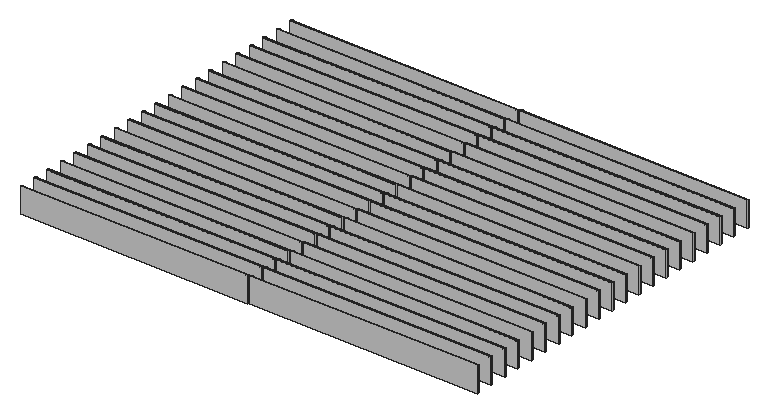
Revit family "BFL-SGL-001_RTV", category Modelos genéricos, Revit 2022 (continued)
Forms (in)
  Extrusion 263, solid, not visible
    sketch origin (-108, 32, 0) x (1, 0, 0) y (0, 1, 0)
      loop
        line (0, 0.59055) -> (0, 0.11811) -> (108, 0.11811) -> (108, 0.59055) -> (0, 0.59055)
    from 0 to 12
  Extrusion 264, solid, not visible
    sketch origin (-108, 32.59055, 0) x (1, 0, 0) y (0, 1, 0)
      loop
        line (0, 0.11811) -> (0, 0) -> (108, 0) -> (108, 0.11811) -> (0, 0.11811)
    from 0 to 12
  Extrusion 265, solid, not visible
    sketch origin (-108, 40, 0) x (1, 0, 0) y (0, 1, 0)
      loop
        line (0, 0.11811) -> (0, 0) -> (108, 0) -> (108, 0.11811) -> (0, 0.11811)
    from 0 to 12
  Extrusion 266, solid, not visible
    sketch origin (-108, 40, 0) x (1, 0, 0) y (0, 1, 0)
      loop
        line (0, 0.59055) -> (0, 0.11811) -> (108, 0.11811) -> (108, 0.59055) -> (0, 0.59055)
    from 0 to 12
  Extrusion 267, solid, not visible
    sketch origin (-108, 40.59055, 0) x (1, 0, 0) y (0, 1, 0)
      loop
        line (0, 0.11811) -> (0, 0) -> (108, 0) -> (108, 0.11811) -> (0, 0.11811)
    from 0 to 12
  Extrusion 268, solid, not visible
    sketch origin (1, 0, 0) x (1, 0, 0) y (0, 1, 0)
      loop
        line (0, 0.11811) -> (0, 0) -> (108, 0) -> (108, 0.11811) -> (0, 0.11811)
    from 0 to 12
  Extrusion 269, solid, not visible
    sketch origin (1, 0, 0) x (1, 0, 0) y (0, 1, 0)
      loop
        line (0, 0.59055) -> (0, 0.11811) -> (108, 0.11811) -> (108, 0.59055) -> (0, 0.59055)
    from 0 to 12
  Extrusion 270, solid, not visible
    sketch origin (1, 0.59055, 0) x (1, 0, 0) y (0, 1, 0)
      loop
        line (0, 0.11811) -> (0, 0) -> (108, 0) -> (108, 0.11811) -> (0, 0.11811)
    from 0 to 12
  Extrusion 271, solid, not visible
    sketch origin (1, 8, 0) x (1, 0, 0) y (0, 1, 0)
      loop
        line (0, 0.11811) -> (0, 0) -> (108, 0) -> (108, 0.11811) -> (0, 0.11811)
    from 0 to 12
  Extrusion 272, solid, not visible
    sketch origin (1, 8, 0) x (1, 0, 0) y (0, 1, 0)
      loop
        line (0, 0.59055) -> (0, 0.11811) -> (108, 0.11811) -> (108, 0.59055) -> (0, 0.59055)
    from 0 to 12
  Extrusion 273, solid, not visible
    sketch origin (1, 8.59055, 0) x (1, 0, 0) y (0, 1, 0)
      loop
        line (0, 0.11811) -> (0, 0) -> (108, 0) -> (108, 0.11811) -> (0, 0.11811)
    from 0 to 12
  Extrusion 274, solid, not visible
    sketch origin (1, 16, 0) x (1, 0, 0) y (0, 1, 0)
      loop
        line (0, 0.11811) -> (0, 0) -> (108, 0) -> (108, 0.11811) -> (0, 0.11811)
    from 0 to 12
  Extrusion 275, solid, not visible
    sketch origin (1, 16, 0) x (1, 0, 0) y (0, 1, 0)
      loop
        line (0, 0.59055) -> (0, 0.11811) -> (108, 0.11811) -> (108, 0.59055) -> (0, 0.59055)
    from 0 to 12
  Extrusion 276, solid, not visible
    sketch origin (1, 16.59055, 0) x (1, 0, 0) y (0, 1, 0)
      loop
        line (0, 0.11811) -> (0, 0) -> (108, 0) -> (108, 0.11811) -> (0, 0.11811)
    from 0 to 12
  Extrusion 277, solid, not visible
    sketch origin (1, 24, 0) x (1, 0, 0) y (0, 1, 0)
      loop
        line (0, 0.11811) -> (0, 0) -> (108, 0) -> (108, 0.11811) -> (0, 0.11811)
    from 0 to 12
  Extrusion 278, solid, not visible
    sketch origin (1, 24, 0) x (1, 0, 0) y (0, 1, 0)
      loop
        line (0, 0.59055) -> (0, 0.11811) -> (108, 0.11811) -> (108, 0.59055) -> (0, 0.59055)
    from 0 to 12
  Extrusion 279, solid, not visible
    sketch origin (1, 24.59055, 0) x (1, 0, 0) y (0, 1, 0)
      loop
        line (0, 0.11811) -> (0, 0) -> (108, 0) -> (108, 0.11811) -> (0, 0.11811)
    from 0 to 12
  Extrusion 280, solid, not visible
    sketch origin (1, 32, 0) x (1, 0, 0) y (0, 1, 0)
      loop
        line (0, 0.11811) -> (0, 0) -> (108, 0) -> (108, 0.11811) -> (0, 0.11811)
    from 0 to 12
  Extrusion 281, solid, not visible
    sketch origin (1, 32, 0) x (1, 0, 0) y (0, 1, 0)
      loop
        line (0, 0.59055) -> (0, 0.11811) -> (108, 0.11811) -> (108, 0.59055) -> (0, 0.59055)
    from 0 to 12
  Extrusion 282, solid, not visible
    sketch origin (1, 32.59055, 0) x (1, 0, 0) y (0, 1, 0)
      loop
        line (0, 0.11811) -> (0, 0) -> (108, 0) -> (108, 0.11811) -> (0, 0.11811)
    from 0 to 12
  Extrusion 283, solid, not visible
    sketch origin (1, 40, 0) x (1, 0, 0) y (0, 1, 0)
      loop
        line (0, 0.11811) -> (0, 0) -> (108, 0) -> (108, 0.11811) -> (0, 0.11811)
    from 0 to 12
  Extrusion 284, solid, not visible
    sketch origin (1, 40, 0) x (1, 0, 0) y (0, 1, 0)
      loop
        line (0, 0.59055) -> (0, 0.11811) -> (108, 0.11811) -> (108, 0.59055) -> (0, 0.59055)
    from 0 to 12
  Extrusion 285, solid, not visible
    sketch origin (1, 40.59055, 0) x (1, 0, 0) y (0, 1, 0)
      loop
        line (0, 0.11811) -> (0, 0) -> (108, 0) -> (108, 0.11811) -> (0, 0.11811)
    from 0 to 12
  Extrusion 286, solid, not visible
    sketch origin (-108, 48, 0) x (1, 0, 0) y (0, 1, 0)
      loop
        line (0, 0.11811) -> (0, 0) -> (108, 0) -> (108, 0.11811) -> (0, 0.11811)
    from 0 to 12
  Extrusion 287, solid, not visible
    sketch origin (-108, 48, 0) x (1, 0, 0) y (0, 1, 0)
      loop
        line (0, 0.59055) -> (0, 0.11811) -> (108, 0.11811) -> (108, 0.59055) -> (0, 0.59055)
    from 0 to 12
  Extrusion 288, solid, not visible
    sketch origin (-108, 48.59055, 0) x (1, 0, 0) y (0, 1, 0)
      loop
        line (0, 0.11811) -> (0, 0) -> (108, 0) -> (108, 0.11811) -> (0, 0.11811)
    from 0 to 12
  Extrusion 289, solid, not visible
    sketch origin (-108, 56, 0) x (1, 0, 0) y (0, 1, 0)
      loop
        line (0, 0.11811) -> (0, 0) -> (108, 0) -> (108, 0.11811) -> (0, 0.11811)
    from 0 to 12
  Extrusion 290, solid, not visible
    sketch origin (-108, 56, 0) x (1, 0, 0) y (0, 1, 0)
      loop
        line (0, 0.59055) -> (0, 0.11811) -> (108, 0.11811) -> (108, 0.59055) -> (0, 0.59055)
    from 0 to 12
  Extrusion 291, solid, not visible
    sketch origin (-108, 56.59055, 0) x (1, 0, 0) y (0, 1, 0)
      loop
        line (0, 0.11811) -> (0, 0) -> (108, 0) -> (108, 0.11811) -> (0, 0.11811)
    from 0 to 12
  Extrusion 292, solid, not visible
    sketch origin (-108, 64, 0) x (1, 0, 0) y (0, 1, 0)
      loop
        line (0, 0.11811) -> (0, 0) -> (108, 0) -> (108, 0.11811) -> (0, 0.11811)
    from 0 to 12
  Extrusion 293, solid, not visible
    sketch origin (-108, 64, 0) x (1, 0, 0) y (0, 1, 0)
      loop
        line (0, 0.59055) -> (0, 0.11811) -> (108, 0.11811) -> (108, 0.59055) -> (0, 0.59055)
    from 0 to 12
  Extrusion 294, solid, not visible
    sketch origin (-108, 64.59055, 0) x (1, 0, 0) y (0, 1, 0)
      loop
        line (0, 0.11811) -> (0, 0) -> (108, 0) -> (108, 0.11811) -> (0, 0.11811)
    from 0 to 12
  Extrusion 295, solid, not visible
    sketch origin (-108, 72, 0) x (1, 0, 0) y (0, 1, 0)
      loop
        line (0, 0.11811) -> (0, 0) -> (108, 0) -> (108, 0.11811) -> (0, 0.11811)
    from 0 to 12
  Extrusion 296, solid, not visible
    sketch origin (-108, 72, 0) x (1, 0, 0) y (0, 1, 0)
      loop
        line (0, 0.59055) -> (0, 0.11811) -> (108, 0.11811) -> (108, 0.59055) -> (0, 0.59055)
    from 0 to 12
  Extrusion 297, solid, not visible
    sketch origin (-108, 72.59055, 0) x (1, 0, 0) y (0, 1, 0)
      loop
        line (0, 0.11811) -> (0, 0) -> (108, 0) -> (108, 0.11811) -> (0, 0.11811)
    from 0 to 12
  Extrusion 298, solid, not visible
    sketch origin (-108, 80, 0) x (1, 0, 0) y (0, 1, 0)
      loop
        line (0, 0.11811) -> (0, 0) -> (108, 0) -> (108, 0.11811) -> (0, 0.11811)
    from 0 to 12
  Extrusion 299, solid, not visible
    sketch origin (-108, 80, 0) x (1, 0, 0) y (0, 1, 0)
      loop
        line (0, 0.59055) -> (0, 0.11811) -> (108, 0.11811) -> (108, 0.59055) -> (0, 0.59055)
    from 0 to 12
  Extrusion 300, solid, not visible
    sketch origin (-108, 80.59055, 0) x (1, 0, 0) y (0, 1, 0)
      loop
        line (0, 0.11811) -> (0, 0) -> (108, 0) -> (108, 0.11811) -> (0, 0.11811)
    from 0 to 12
  Extrusion 301, solid, not visible
    sketch origin (1, 48, 0) x (1, 0, 0) y (0, 1, 0)
      loop
        line (0, 0.11811) -> (0, 0) -> (108, 0) -> (108, 0.11811) -> (0, 0.11811)
    from 0 to 12
  Extrusion 302, solid, not visible
    sketch origin (1, 48, 0) x (1, 0, 0) y (0, 1, 0)
      loop
        line (0, 0.59055) -> (0, 0.11811) -> (108, 0.11811) -> (108, 0.59055) -> (0, 0.59055)
    from 0 to 12
  Extrusion 303, solid, not visible
    sketch origin (1, 48.59055, 0) x (1, 0, 0) y (0, 1, 0)
      loop
        line (0, 0.11811) -> (0, 0) -> (108, 0) -> (108, 0.11811) -> (0, 0.11811)
    from 0 to 12
  Extrusion 304, solid, not visible
    sketch origin (1, 56, 0) x (1, 0, 0) y (0, 1, 0)
      loop
        line (0, 0.11811) -> (0, 0) -> (108, 0) -> (108, 0.11811) -> (0, 0.11811)
    from 0 to 12
  Extrusion 305, solid, not visible
    sketch origin (1, 56, 0) x (1, 0, 0) y (0, 1, 0)
      loop
        line (0, 0.59055) -> (0, 0.11811) -> (108, 0.11811) -> (108, 0.59055) -> (0, 0.59055)
    from 0 to 12
  Extrusion 306, solid, not visible
    sketch origin (1, 56.59055, 0) x (1, 0, 0) y (0, 1, 0)
      loop
        line (0, 0.11811) -> (0, 0) -> (108, 0) -> (108, 0.11811) -> (0, 0.11811)
    from 0 to 12
  Extrusion 307, solid, not visible
    sketch origin (1, 64, 0) x (1, 0, 0) y (0, 1, 0)
      loop
        line (0, 0.11811) -> (0, 0) -> (108, 0) -> (108, 0.11811) -> (0, 0.11811)
    from 0 to 12
  Extrusion 308, solid, not visible
    sketch origin (1, 64, 0) x (1, 0, 0) y (0, 1, 0)
      loop
        line (0, 0.59055) -> (0, 0.11811) -> (108, 0.11811) -> (108, 0.59055) -> (0, 0.59055)
    from 0 to 12
  Extrusion 309, solid, not visible
    sketch origin (1, 64.59055, 0) x (1, 0, 0) y (0, 1, 0)
      loop
        line (0, 0.11811) -> (0, 0) -> (108, 0) -> (108, 0.11811) -> (0, 0.11811)
    from 0 to 12
  Extrusion 310, solid, not visible
    sketch origin (1, 72, 0) x (1, 0, 0) y (0, 1, 0)
      loop
        line (0, 0.11811) -> (0, 0) -> (108, 0) -> (108, 0.11811) -> (0, 0.11811)
    from 0 to 12
  Extrusion 311, solid, not visible
    sketch origin (1, 72, 0) x (1, 0, 0) y (0, 1, 0)
      loop
        line (0, 0.59055) -> (0, 0.11811) -> (108, 0.11811) -> (108, 0.59055) -> (0, 0.59055)
    from 0 to 12
  Extrusion 312, solid, not visible
    sketch origin (1, 72.59055, 0) x (1, 0, 0) y (0, 1, 0)
      loop
        line (0, 0.11811) -> (0, 0) -> (108, 0) -> (108, 0.11811) -> (0, 0.11811)
    from 0 to 12
  Extrusion 313, solid, not visible
    sketch origin (1, 80, 0) x (1, 0, 0) y (0, 1, 0)
      loop
        line (0, 0.11811) -> (0, 0) -> (108, 0) -> (108, 0.11811) -> (0, 0.11811)
    from 0 to 12
  Extrusion 314, solid, not visible
    sketch origin (1, 80, 0) x (1, 0, 0) y (0, 1, 0)
      loop
        line (0, 0.59055) -> (0, 0.11811) -> (108, 0.11811) -> (108, 0.59055) -> (0, 0.59055)
    from 0 to 12
  Extrusion 315, solid, not visible
    sketch origin (1, 80.59055, 0) x (1, 0, 0) y (0, 1, 0)
      loop
        line (0, 0.11811) -> (0, 0) -> (108, 0) -> (108, 0.11811) -> (0, 0.11811)
    from 0 to 12
  Extrusion 316, solid, not visible
    sketch origin (-108, 88, 0) x (1, 0, 0) y (0, 1, 0)
      loop
        line (0, 0.11811) -> (0, 0) -> (108, 0) -> (108, 0.11811) -> (0, 0.11811)
    from 0 to 12
  Extrusion 317, solid, not visible
    sketch origin (-108, 88, 0) x (1, 0, 0) y (0, 1, 0)
      loop
        line (0, 0.59055) -> (0, 0.11811) -> (108, 0.11811) -> (108, 0.59055) -> (0, 0.59055)
    from 0 to 12
  Extrusion 318, solid, not visible
    sketch origin (-108, 88.59055, 0) x (1, 0, 0) y (0, 1, 0)
      loop
        line (0, 0.11811) -> (0, 0) -> (108, 0) -> (108, 0.11811) -> (0, 0.11811)
    from 0 to 12
  Extrusion 319, solid, not visible
    sketch origin (-108, 96, 0) x (1, 0, 0) y (0, 1, 0)
      loop
        line (0, 0.11811) -> (0, 0) -> (108, 0) -> (108, 0.11811) -> (0, 0.11811)
    from 0 to 12
  Extrusion 320, solid, not visible
    sketch origin (-108, 96, 0) x (1, 0, 0) y (0, 1, 0)
      loop
        line (0, 0.59055) -> (0, 0.11811) -> (108, 0.11811) -> (108, 0.59055) -> (0, 0.59055)
    from 0 to 12
  Extrusion 321, solid, not visible
    sketch origin (-108, 96.59055, 0) x (1, 0, 0) y (0, 1, 0)
      loop
        line (0, 0.11811) -> (0, 0) -> (108, 0) -> (108, 0.11811) -> (0, 0.11811)
    from 0 to 12
  Extrusion 322, solid, not visible
    sketch origin (-108, 104, 0) x (1, 0, 0) y (0, 1, 0)
      loop
        line (0, 0.11811) -> (0, 0) -> (108, 0) -> (108, 0.11811) -> (0, 0.11811)
    from 0 to 12
  Extrusion 323, solid, not visible
    sketch origin (-108, 104, 0) x (1, 0, 0) y (0, 1, 0)
      loop
        line (0, 0.59055) -> (0, 0.11811) -> (108, 0.11811) -> (108, 0.59055) -> (0, 0.59055)
    from 0 to 12
  Extrusion 324, solid, not visible
    sketch origin (-108, 104.59055, 0) x (1, 0, 0) y (0, 1, 0)
      loop
        line (0, 0.11811) -> (0, 0) -> (108, 0) -> (108, 0.11811) -> (0, 0.11811)
    from 0 to 12
  Extrusion 325, solid, not visible
    sketch origin (-108, 112, 0) x (1, 0, 0) y (0, 1, 0)
      loop
        line (0, 0.11811) -> (0, 0) -> (108, 0) -> (108, 0.11811) -> (0, 0.11811)
    from 0 to 12
  Extrusion 326, solid, not visible
    sketch origin (-108, 112, 0) x (1, 0, 0) y (0, 1, 0)
      loop
        line (0, 0.59055) -> (0, 0.11811) -> (108, 0.11811) -> (108, 0.59055) -> (0, 0.59055)
    from 0 to 12
  Extrusion 327, solid, not visible
    sketch origin (-108, 112.59055, 0) x (1, 0, 0) y (0, 1, 0)
      loop
        line (0, 0.11811) -> (0, 0) -> (108, 0) -> (108, 0.11811) -> (0, 0.11811)
    from 0 to 12
  Extrusion 328, solid, not visible
    sketch origin (-108, 120, 0) x (1, 0, 0) y (0, 1, 0)
      loop
        line (0, 0.11811) -> (0, 0) -> (108, 0) -> (108, 0.11811) -> (0, 0.11811)
    from 0 to 12
  Extrusion 329, solid, not visible
    sketch origin (-108, 120, 0) x (1, 0, 0) y (0, 1, 0)
      loop
        line (0, 0.59055) -> (0, 0.11811) -> (108, 0.11811) -> (108, 0.59055) -> (0, 0.59055)
    from 0 to 12
  Extrusion 330, solid, not visible
    sketch origin (-108, 120.59055, 0) x (1, 0, 0) y (0, 1, 0)
      loop
        line (0, 0.11811) -> (0, 0) -> (108, 0) -> (108, 0.11811) -> (0, 0.11811)
    from 0 to 12
  Extrusion 331, solid, not visible
    sketch origin (1, 88, 0) x (1, 0, 0) y (0, 1, 0)
      loop
        line (0, 0.11811) -> (0, 0) -> (108, 0) -> (108, 0.11811) -> (0, 0.11811)
    from 0 to 12
  Extrusion 332, solid, not visible
    sketch origin (1, 88, 0) x (1, 0, 0) y (0, 1, 0)
      loop
        line (0, 0.59055) -> (0, 0.11811) -> (108, 0.11811) -> (108, 0.59055) -> (0, 0.59055)
    from 0 to 12
  Extrusion 333, solid, not visible
    sketch origin (1, 88.59055, 0) x (1, 0, 0) y (0, 1, 0)
      loop
        line (0, 0.11811) -> (0, 0) -> (108, 0) -> (108, 0.11811) -> (0, 0.11811)
    from 0 to 12
  Extrusion 334, solid, not visible
    sketch origin (1, 96, 0) x (1, 0, 0) y (0, 1, 0)
      loop
        line (0, 0.11811) -> (0, 0) -> (108, 0) -> (108, 0.11811) -> (0, 0.11811)
    from 0 to 12
  Extrusion 335, solid, not visible
    sketch origin (1, 96, 0) x (1, 0, 0) y (0, 1, 0)
      loop
        line (0, 0.59055) -> (0, 0.11811) -> (108, 0.11811) -> (108, 0.59055) -> (0, 0.59055)
    from 0 to 12
  Extrusion 336, solid, not visible
    sketch origin (1, 96.59055, 0) x (1, 0, 0) y (0, 1, 0)
      loop
        line (0, 0.11811) -> (0, 0) -> (108, 0) -> (108, 0.11811) -> (0, 0.11811)
    from 0 to 12
  Extrusion 337, solid, not visible
    sketch origin (1, 104, 0) x (1, 0, 0) y (0, 1, 0)
      loop
        line (0, 0.11811) -> (0, 0) -> (108, 0) -> (108, 0.11811) -> (0, 0.11811)
    from 0 to 12
  Extrusion 338, solid, not visible
    sketch origin (1, 104, 0) x (1, 0, 0) y (0, 1, 0)
      loop
        line (0, 0.59055) -> (0, 0.11811) -> (108, 0.11811) -> (108, 0.59055) -> (0, 0.59055)
    from 0 to 12
  Extrusion 339, solid, not visible
    sketch origin (1, 104.59055, 0) x (1, 0, 0) y (0, 1, 0)
      loop
        line (0, 0.11811) -> (0, 0) -> (108, 0) -> (108, 0.11811) -> (0, 0.11811)
    from 0 to 12
  Extrusion 340, solid, not visible
    sketch origin (1, 112, 0) x (1, 0, 0) y (0, 1, 0)
      loop
        line (0, 0.11811) -> (0, 0) -> (108, 0) -> (108, 0.11811) -> (0, 0.11811)
    from 0 to 12
  Extrusion 341, solid, not visible
    sketch origin (1, 112, 0) x (1, 0, 0) y (0, 1, 0)
      loop
        line (0, 0.59055) -> (0, 0.11811) -> (108, 0.11811) -> (108, 0.59055) -> (0, 0.59055)
    from 0 to 12
  Extrusion 342, solid, not visible
    sketch origin (1, 112.59055, 0) x (1, 0, 0) y (0, 1, 0)
      loop
        line (0, 0.11811) -> (0, 0) -> (108, 0) -> (108, 0.11811) -> (0, 0.11811)
    from 0 to 12
  Extrusion 343, solid, not visible
    sketch origin (1, 120, 0) x (1, 0, 0) y (0, 1, 0)
      loop
        line (0, 0.11811) -> (0, 0) -> (108, 0) -> (108, 0.11811) -> (0, 0.11811)
    from 0 to 12
  Extrusion 344, solid, not visible
    sketch origin (1, 120, 0) x (1, 0, 0) y (0, 1, 0)
      loop
        line (0, 0.59055) -> (0, 0.11811) -> (108, 0.11811) -> (108, 0.59055) -> (0, 0.59055)
    from 0 to 12
  Extrusion 345, solid, not visible
    sketch origin (1, 120.59055, 0) x (1, 0, 0) y (0, 1, 0)
      loop
        line (0, 0.11811) -> (0, 0) -> (108, 0) -> (108, 0.11811) -> (0, 0.11811)
    from 0 to 12
  Extrusion 346, solid, not visible
    sketch origin (-108, 128, 0) x (1, 0, 0) y (0, 1, 0)
      loop
        line (0, 0.11811) -> (0, 0) -> (108, 0) -> (108, 0.11811) -> (0, 0.11811)
    from 0 to 12
  Extrusion 347, solid, not visible
    sketch origin (-108, 128, 0) x (1, 0, 0) y (0, 1, 0)
      loop
        line (0, 0.59055) -> (0, 0.11811) -> (108, 0.11811) -> (108, 0.59055) -> (0, 0.59055)
    from 0 to 12
  Extrusion 348, solid, not visible
    sketch origin (-108, 128.59055, 0) x (1, 0, 0) y (0, 1, 0)
      loop
        line (0, 0.11811) -> (0, 0) -> (108, 0) -> (108, 0.11811) -> (0, 0.11811)
    from 0 to 12
  Extrusion 349, solid, not visible
    sketch origin (-108, 136, 0) x (1, 0, 0) y (0, 1, 0)
      loop
        line (0, 0.11811) -> (0, 0) -> (108, 0) -> (108, 0.11811) -> (0, 0.11811)
    from 0 to 12
  Extrusion 350, solid, not visible
    sketch origin (-108, 136, 0) x (1, 0, 0) y (0, 1, 0)
      loop
        line (0, 0.59055) -> (0, 0.11811) -> (108, 0.11811) -> (108, 0.59055) -> (0, 0.59055)
    from 0 to 12
  Extrusion 351, solid, not visible
    sketch origin (-108, 136.59055, 0) x (1, 0, 0) y (0, 1, 0)
      loop
        line (0, 0.11811) -> (0, 0) -> (108, 0) -> (108, 0.11811) -> (0, 0.11811)
    from 0 to 12
  Extrusion 352, solid, not visible
    sketch origin (-108, 144, 0) x (1, 0, 0) y (0, 1, 0)
      loop
        line (0, 0.11811) -> (0, 0) -> (108, 0) -> (108, 0.11811) -> (0, 0.11811)
    from 0 to 12
  Extrusion 353, solid, not visible
    sketch origin (-108, 144, 0) x (1, 0, 0) y (0, 1, 0)
      loop
        line (0, 0.59055) -> (0, 0.11811) -> (108, 0.11811) -> (108, 0.59055) -> (0, 0.59055)
    from 0 to 12
  Extrusion 354, solid, not visible
    sketch origin (-108, 144.59055, 0) x (1, 0, 0) y (0, 1, 0)
      loop
        line (0, 0.11811) -> (0, 0) -> (108, 0) -> (108, 0.11811) -> (0, 0.11811)
    from 0 to 12
  Extrusion 355, solid, not visible
    sketch origin (-108, 152, 0) x (1, 0, 0) y (0, 1, 0)
      loop
        line (0, 0.11811) -> (0, 0) -> (108, 0) -> (108, 0.11811) -> (0, 0.11811)
    from 0 to 12
  Extrusion 356, solid, not visible
    sketch origin (-108, 152, 0) x (1, 0, 0) y (0, 1, 0)
      loop
        line (0, 0.59055) -> (0, 0.11811) -> (108, 0.11811) -> (108, 0.59055) -> (0, 0.59055)
    from 0 to 12
  Extrusion 357, solid, not visible
    sketch origin (-108, 152.59055, 0) x (1, 0, 0) y (0, 1, 0)
      loop
        line (0, 0.11811) -> (0, 0) -> (108, 0) -> (108, 0.11811) -> (0, 0.11811)
    from 0 to 12
  Extrusion 358, solid, not visible
    sketch origin (-108, 160, 0) x (1, 0, 0) y (0, 1, 0)
      loop
        line (0, 0.11811) -> (0, 0) -> (108, 0) -> (108, 0.11811) -> (0, 0.11811)
    from 0 to 12
  Extrusion 359, solid, not visible
    sketch origin (-108, 160, 0) x (1, 0, 0) y (0, 1, 0)
      loop
        line (0, 0.59055) -> (0, 0.11811) -> (108, 0.11811) -> (108, 0.59055) -> (0, 0.59055)
    from 0 to 12
  Extrusion 360, solid, not visible
    sketch origin (-108, 160.59055, 0) x (1, 0, 0) y (0, 1, 0)
      loop
        line (0, 0.11811) -> (0, 0) -> (108, 0) -> (108, 0.11811) -> (0, 0.11811)
    from 0 to 12
  Extrusion 361, solid, not visible
    sketch origin (1, 128, 0) x (1, 0, 0) y (0, 1, 0)
      loop
        line (0, 0.11811) -> (0, 0) -> (108, 0) -> (108, 0.11811) -> (0, 0.11811)
    from 0 to 12
  Extrusion 362, solid, not visible
    sketch origin (1, 128, 0) x (1, 0, 0) y (0, 1, 0)
      loop
        line (0, 0.59055) -> (0, 0.11811) -> (108, 0.11811) -> (108, 0.59055) -> (0, 0.59055)
    from 0 to 12
  Extrusion 363, solid, not visible
    sketch origin (1, 128.59055, 0) x (1, 0, 0) y (0, 1, 0)
      loop
        line (0, 0.11811) -> (0, 0) -> (108, 0) -> (108, 0.11811) -> (0, 0.11811)
    from 0 to 12
  Extrusion 364, solid, not visible
    sketch origin (1, 136, 0) x (1, 0, 0) y (0, 1, 0)
      loop
        line (0, 0.11811) -> (0, 0) -> (108, 0) -> (108, 0.11811) -> (0, 0.11811)
    from 0 to 12
  Extrusion 365, solid, not visible
    sketch origin (1, 136, 0) x (1, 0, 0) y (0, 1, 0)
      loop
        line (0, 0.59055) -> (0, 0.11811) -> (108, 0.11811) -> (108, 0.59055) -> (0, 0.59055)
    from 0 to 12
  Extrusion 366, solid, not visible
    sketch origin (1, 136.59055, 0) x (1, 0, 0) y (0, 1, 0)
      loop
        line (0, 0.11811) -> (0, 0) -> (108, 0) -> (108, 0.11811) -> (0, 0.11811)
    from 0 to 12
  Extrusion 367, solid, not visible
    sketch origin (1, 144, 0) x (1, 0, 0) y (0, 1, 0)
      loop
        line (0, 0.11811) -> (0, 0) -> (108, 0) -> (108, 0.11811) -> (0, 0.11811)
    from 0 to 12
  Extrusion 368, solid, not visible
    sketch origin (1, 144, 0) x (1, 0, 0) y (0, 1, 0)
      loop
        line (0, 0.59055) -> (0, 0.11811) -> (108, 0.11811) -> (108, 0.59055) -> (0, 0.59055)
    from 0 to 12
  Extrusion 369, solid, not visible
    sketch origin (1, 144.59055, 0) x (1, 0, 0) y (0, 1, 0)
      loop
        line (0, 0.11811) -> (0, 0) -> (108, 0) -> (108, 0.11811) -> (0, 0.11811)
    from 0 to 12
  Extrusion 370, solid, not visible
    sketch origin (1, 152, 0) x (1, 0, 0) y (0, 1, 0)
      loop
        line (0, 0.11811) -> (0, 0) -> (108, 0) -> (108, 0.11811) -> (0, 0.11811)
    from 0 to 12
  Extrusion 371, solid, not visible
    sketch origin (1, 152, 0) x (1, 0, 0) y (0, 1, 0)
      loop
        line (0, 0.59055) -> (0, 0.11811) -> (108, 0.11811) -> (108, 0.59055) -> (0, 0.59055)
    from 0 to 12
  Extrusion 372, solid, not visible
    sketch origin (1, 152.59055, 0) x (1, 0, 0) y (0, 1, 0)
      loop
        line (0, 0.11811) -> (0, 0) -> (108, 0) -> (108, 0.11811) -> (0, 0.11811)
    from 0 to 12
  Extrusion 373, solid, not visible
    sketch origin (1, 160, 0) x (1, 0, 0) y (0, 1, 0)
      loop
        line (0, 0.11811) -> (0, 0) -> (108, 0) -> (108, 0.11811) -> (0, 0.11811)
    from 0 to 12
  Extrusion 374, solid, not visible
    sketch origin (1, 160, 0) x (1, 0, 0) y (0, 1, 0)
      loop
        line (0, 0.59055) -> (0, 0.11811) -> (108, 0.11811) -> (108, 0.59055) -> (0, 0.59055)
    from 0 to 12
  Extrusion 375, solid, not visible
    sketch origin (1, 160.59055, 0) x (1, 0, 0) y (0, 1, 0)
      loop
        line (0, 0.11811) -> (0, 0) -> (108, 0) -> (108, 0.11811) -> (0, 0.11811)
    from 0 to 12
Dimensions and locks (in)
  aligned and locked: level to plane 2
